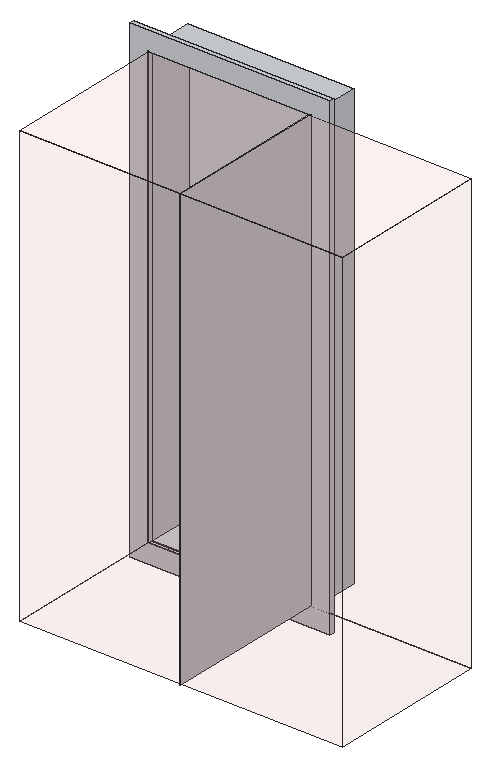
Revit family "Hager-VOLTA-Hollow_wall-IP30-With_Cover-Without_DIN-NoHosted-AT-de", category Electrical Equipment, Revit 2023
Family settings
  Panel Configuration = Two Columns, Circuits Across
  Round Connector Dimension = Use Diameter
  Part Type = Panelboard
  Work Plane-Based = Yes
  Always vertical = Yes
  Cut with Voids When Loaded = No
  Maintain Annotation Orientation = No
  Shared = No
  Room Calculation Point = No
Parameters (values of type "VOLTA-Hollow_wall_W348_H880_D98_12_Modular_Spacing-VH60WWH")
  Width Control [instance] = if([HG000006-Unterputz], if([EF000846 - Einbaubreite] > min_whd, [EF000846 - Einbaubreite], min_whd), if([EF000008 - Breite] > min_whd, ([EF000008 - Breite]), min_whd))  # 314.5 mm
  Void Depth [instance] = if([EF000218 - Einbautiefe] > 1 mm, [EF000218 - Einbautiefe], 1 mm)  # 89 mm
  Uniformat code = "D501001"
  Uniformat = "Low Tension Service & Dist."
  Référence = ""
  HGEF0002950-Breite in Teilungseinheiten = 12
  HGEF000266-Anzahl der Reihen = 0
  HG000131 - Functional label [instance] = ""
  HG000130 - Functional name [instance] = ""
  HG000099-Onfly Template ID-de-AT = "507532"
  HG000059-Operating voltage-de-AT [instance] = 230 V
  HG000017-Distanz zwischen den Polen = 18 mm
  HG000016-3D-Türsichtbarkeit = yes
  HG000015-Sichtbarkeit der Türöffnung = yes
  HG000014-Tür rechts = yes
  HG000013-Tür links = no
  HG000012-Türschwenkwinkel = 90.00°
  HG000011-Leere Reihen von unten = no
  HG000010-Asymmetrische Türen = no
  HG000009-Doppelflügeligen Tür = no
  HG000008-Anzahl der leeren Reihen = 0
  HG000007-Anzahl der leeren Spalten = 0
  HG000006-Unterputz = yes
  HG000005-Dicke = 2 mm
  HG000004-Herstellerreferenz = "VH60WWH"
  HG000003-Bereich = "VOLTA"
  HG000002-Mit tür = yes
  HG000001-Anzahl der Spalten = 0
  ETIM class name = "Small distribution board"
  ETIM class code = "EC000214"
  EF015941 - Signaldurchlassende Tür = yes
  EF015777 - Neutralleiterklemmenblock = no
  EF015776 - Erdungsklemmenblock = no
  EF009212 - Ausführung Deckel = "mit Ausschnitt"
  EF006306 - Mit Schloss = no
  EF006244 - Transparenter Deckel/Tür = no
  EF005474 - Schutzart (IP) = "IP30"
  EF004464 - Art der Tür = ""
  EF004462 - Art der Schließung = "sonstige"
  EF002950 - Breite in Teilungseinheiten = 12
  EF001596 - Werkstoff des Gehäuses = ""
  EF001134 - DIN-Schiene = no
  EF001131 - Innentiefe = 0 mm
  EF001088 - Anbaumöglichkeit = yes
  EF001062 - EMV-Ausführung = no
  EF000846 - Einbaubreite = 314.5 mm
  EF000339 - Art der Abdeckung = ""
  EF000332 - Einbauhöhe = 845 mm
  EF000266 - Anzahl der Reihen = 0
  EF000218 - Einbautiefe = 89 mm
  EF000118 - Mit Montageplatte = yes
  EF000116 - RAL-Nummer = 9010
  EF000049 - Tiefe = 98 mm
  EF000040 - Höhe = 880 mm
  EF000024 - UV-beständig = no
  EF000008 - Breite = 348 mm
  EF000007 - Farbe = "weiß"
  EF000003 - Montageart = "Hohlwand"
  Type Comments = ""
  System Height [instance] = Height Control - 2 * [HG000005-Dicke]  # 841 mm
  Reference description = ""
  Reference = "VOLTA-Hollow_wall_W348_H880_D98_12_Modular_Spacing-VH60WWH"
  Panel Name [instance] = ""  # (empty or 0)
  Offset [instance] = 0 mm
  Object type = ""
  Name hager = "ADD_Enclosures_EC000214"
  Name BIM&CO = "Electricity"
  Name = "VOLTA-Hollow_wall-IP30-With_Cover-Without_DIN-AT"
  Model = ""
  Level Offset [instance] = [Flush Mounted - Door Frame Width] + Offset  # 35 mm
  HG000060-RAL-number = "9010"
  GTIN (Global Trade Item Number) = ""
  Description = ""
  Default Elevation = 1200 mm
  Creation Date = "12/15/2025 21:42:14"
  Code hager = "ADD-EC000214_EU"
  Code Uniformat = ""
  BIM&CO code = ""
  BC_VARIANT_ID = "1174066"
  BC_OBJECT_VERSION = "#3"  # constant formula
  BC_OBJECT_ID = "513458"  # constant formula
  BC_MODEL_ID = "1547068"  # constant formula
  BC_METADATA = "{\"ObjectGuid\":\"bc35c96e-cb38-443e-833d-0616858cb9ac\",\"ModelGuid\":\"8af03f69-2293-4735-a617-cc53adf55621\",\"VariantGuid\":\"8b6e323b-1b53-409a-a940-11b5a7fc5337\",\"Revision\":\"#4\",\"VariantName\":\"Template-Enclosure_EU-EC000214\"}"
  Arrow Offset [instance] = Depth Control / 8  # 11.125 mm
  Arrow Height [instance] = Depth Control - Arrow Offset  # 77.875 mm
  Host Offset [instance] = if([HG000006-Unterputz], 0 mm, [EF000049 - Tiefe])  # 0 mm
  min_whd [instance] = (2 * [HG000005-Dicke]) + 1 mm  # 5 mm
  Manufacturer = "Hager"  # constant formula
  Height Control [instance] = if([HG000006-Unterputz], if([EF000332 - Einbauhöhe] > min_whd, [EF000332 - Einbauhöhe], min_whd), if([EF000040 - Höhe] > min_whd, ([EF000040 - Höhe]), min_whd))  # 845 mm
  Flush Mounted - Door Frame Width [instance] = if(([EF000040 - Höhe] - [EF000332 - Einbauhöhe]) > 0 mm, if([HG000006-Unterputz], [EF000040 - Höhe] - [EF000332 - Einbauhöhe], 0 mm), 0 mm)  # 35 mm
  Depth Control [instance] = if([HG000006-Unterputz], if([EF000218 - Einbautiefe] > 0 mm, [EF000218 - Einbautiefe], 1 mm), if([EF000049 - Tiefe] > 0 mm, ([EF000049 - Tiefe]), 1 mm))  # 89 mm
Types (6, lengths in mm): name | HG000004-Herstellerreferenz | EF015941 - Signaldurchlassende Tür | EF000332 - Einbauhöhe | EF000040 - Höhe | System Height | Reference | BC_VARIANT_ID | Height Control
  VOLTA-Hollow_wall_W348_H630_D98_12_Modular_Spacing-VH36NW | "VH36NW" | no | 595 | 630 | 591 | "VOLTA-Hollow_wall_W348_H630_D98_12_Modular_Spacing-VH36NW" | "1174061" | 595
  VOLTA-Hollow_wall_W348_H630_D98_12_Modular_Spacing-VH36WWH | "VH36WWH" | yes | 595 | 630 | 591 | "VOLTA-Hollow_wall_W348_H630_D98_12_Modular_Spacing-VH36WWH" | "1174062" | 595
  VOLTA-Hollow_wall_W348_H755_D98_12_Modular_Spacing-VH48NW | "VH48NW" | no | 720 | 755 | 716 | "VOLTA-Hollow_wall_W348_H755_D98_12_Modular_Spacing-VH48NW" | "1174063" | 720
  VOLTA-Hollow_wall_W348_H755_D98_12_Modular_Spacing-VH48WWH | "VH48WWH" | yes | 720 | 755 | 716 | "VOLTA-Hollow_wall_W348_H755_D98_12_Modular_Spacing-VH48WWH" | "1174064" | 720
  VOLTA-Hollow_wall_W348_H880_D98_12_Modular_Spacing-VH60NW | "VH60NW" | no | 845 | 880 | 841 | "VOLTA-Hollow_wall_W348_H880_D98_12_Modular_Spacing-VH60NW" | "1174065" | 845
  VOLTA-Hollow_wall_W348_H880_D98_12_Modular_Spacing-VH60WWH | "VH60WWH" | yes | 845 | 880 | 841 | "VOLTA-Hollow_wall_W348_H880_D98_12_Modular_Spacing-VH60WWH" | "1174066" | 845
Reference planes
  plane 1 "Center (Front/Back)": y = 0
  plane 2: z = 0
  plane 3 "Center (Left/Right)": x = 0
  plane 4: y = 37
  plane 5: y = 89
  plane 6: y = 35
  plane 7: z = 0
  plane 8: x = -157.25
  plane 9: x = 157.25
  plane 10: x = 155.25
  plane 11: x = -155.25
  plane 12: z = 35
  plane 13: z = 37
  plane 14: y = 5
  plane 15: y = 0
  plane 16: y = 87
  plane 17: z = 878
  plane 18: z = 880
  plane 19: z = 457.5
  plane 20: x = 0
  plane 21: y = -100
  plane 22 "Annotation H": y = -300
  plane 23 "Annotation V": x = 357.25
Forms (mm)
  Extrusion 1, solid
    sketch origin (-208.679, -4572, 35) x (-1, 0, 0) y (0, -1, 0)
      loop
        line (-51.429, -4572) -> (-365.929, -4572) -> (-365.929, -4661) -> (-51.429, -4661) -> (-51.429, -4572)
    from 0 to 845 <- "Height Control"
  Extrusion 2, void
    sketch origin (-350.771, 0, 1219.2) x (1, 0, 0) y (0, 0, 1)
      loop
        line (195.521, -341.2) -> (195.521, -1182.2) -> (506.021, -1182.2) -> (506.021, -341.2) -> (195.521, -341.2)
    from 0 to -87
  Extrusion 3, solid, detail levels coarse+medium
    sketch origin (-350.771, 0, 1219.2) x (-1, 0, 0) y (0, 0, 1)
      loop
        line (-195.521, -341.2) -> (-506.021, -341.2) -> (-506.021, -1182.2) -> (-195.521, -1182.2) -> (-195.521, -341.2)
    from 0 to 2 <- "HG000005-Dicke"
Cuts and joins
  Extrusion 2 cuts Extrusion 1
Dimensions and locks
  "Flush Mounted - Door Frame Width": plane 1 "Center (Front/Back)" to plane 6
  "HG000005-Dicke": plane 4 to plane 6
  "HG000005-Dicke": plane 8 to plane 11
  "HG000005-Dicke": plane 9 to plane 10
  equal spacing: plane 8, plane 3 "Center (Left/Right)", plane 9
  "Width Control": plane 8 to plane 9
  locked: plane 14 to plane 15 at 5
  "Host Offset": plane 1 "Center (Front/Back)" to plane 15
  "Depth Control": plane 5 to plane 15
  "HG000005-Dicke": plane 5 to plane 16
  "HG000005-Dicke": plane 13 to plane 12
  "Level Offset": plane 12 to level
  "HG000005-Dicke": plane 18 to plane 17
  "Height Control": plane 18 to plane 12
  "Arrow Offset": plane 5 to nested 4
  equal spacing: plane 18, plane 19, plane 12
  locked: connector elem to plane 19
  locked: connector elem to plane 3 "Center (Left/Right)"
  Extrusion 2 sketch curve to Extrusion 2 sketch curve to plane 9 = 310.5 mm, 2 mm
  locked: plane 9 to plane 23 "Annotation V" at 200
  locked: plane 22 "Annotation H" to plane 1 "Center (Front/Back)" at 300
  aligned and locked: nested 1 to plane 14
  aligned and locked: plane 3 "Center (Left/Right)" to nested 1
  aligned and locked: plane 3 "Center (Left/Right)" to nested 2
  aligned and locked: nested 2 to plane 15
  aligned and locked: plane 5 to Extrusion 1
  aligned and locked: Extrusion 3 sketch curve to plane 17
  aligned and locked: Extrusion 3 sketch curve to plane 11
  aligned and locked: plane 13 to Extrusion 3 sketch curve
  aligned and locked: Extrusion 3 sketch curve to plane 10
  aligned and locked: plane 13 to Extrusion 2 sketch curve
  aligned and locked: Extrusion 2 sketch curve to plane 17
  aligned and locked: plane 16 to Extrusion 2
  aligned and locked: plane 5 to Extrusion 1 sketch curve
  aligned and locked: plane 9 to Extrusion 1 sketch curve
  aligned and locked: plane 8 to Extrusion 1 sketch curve
  aligned and locked: plane 8 to nested 4
  aligned and locked: plane 8 to nested 3
  aligned and locked: nested 3 to plane 5
  aligned and locked: Extrusion 1 sketch curve to plane 15
  aligned and locked: Extrusion 2 to plane 15
  aligned and locked: nested 5 to plane 22 "Annotation H"
  aligned and locked: plane 23 "Annotation V" to nested 5
  aligned and locked: plane 11 to Extrusion 2
  aligned and locked: plane 10 to Extrusion 2
Nested families
  nested 1: "Hager_Enclosure_System" at (0, 5, 37), Height <- "System Height", Width_Control <- "Width Control", Built-in_Width <- "EF000846 - Einbaubreite", Width <- "EF000008 - Breite", Depth <- "HG000005-Dicke", Border <- "HG000005-Dicke", Distance_Between_Poles <- "HG000017-Distanz zwischen den Polen", Flush_Mounted <- "HG000006-Unterputz", Empty_Columns <- "HG000007-Anzahl der leeren Spalten", Total_No_Empty_Rows <- "HG000008-Anzahl der leeren Reihen", Empty_Rows_From_Bottom <- "HG000011-Leere Reihen von unten", Columns_Count <- "HG000001-Anzahl der Spalten", Rows_Count <- "HGEF000266-Anzahl der Reihen", Row_Module_Multiplicator <- "HGEF0002950-Breite in Teilungseinheiten", type "Hager_Enclosure_System", detail levels medium+fine
    with Width_Control 314.5 mm, Width 348 mm, Total_No_Rows 0, Total_No_Empty_Rows 0, Total_No_Columns 1, System_Width 310.5 mm, Rows_Count 0, Rows_Column 0, Row_Module_Multiplicator 12, Panel_4 no, Panel_3 no, Panel_2 no, Panel_1 no, No_Panels_Ctrl 1, Hide_Columns yes, Height 841 mm, Flush_Mounted yes, Empty_Rows_From_Bottom no, Empty_Rows_Column 0, Empty_Columns 0, Empty column 4 0, Empty column 3 0, Empty column 2 0, Empty column 1 0, Distance_Between_Poles 18 mm, Depth 2 mm, Columns_Count 0, Column_Width 310.5 mm, Built-in_Width 314.5 mm, Border 2 mm
  nested 2: "Hager_Enclosure_Door" at (0, 0, 35), Height_Ctrl <- "Height Control", Width_Ctrl <- "Width Control", BuiltIn_Depth <- "EF000218 - Einbautiefe", Depth <- "EF000049 - Tiefe", BuiltIn_Width <- "EF000846 - Einbaubreite", Height <- "EF000040 - Höhe", BuiltIn_Height <- "EF000332 - Einbauhöhe", Width <- "EF000008 - Breite", Transparent <- "EF006244 - Transparenter Deckel/Tür", Border <- "HG000005-Dicke", Door <- "HG000002-Mit tür", Flush_Mounted <- "HG000006-Unterputz", Double <- "HG000009-Doppelflügeligen Tür", Assymetrical <- "HG000010-Asymmetrische Türen", Angle <- "HG000012-Türschwenkwinkel", Door_Left <- "HG000013-Tür links", Door_Right <- "HG000014-Tür rechts", Clearance <- "HG000015-Sichtbarkeit der Türöffnung", 3d_Door <- "HG000016-3D-Türsichtbarkeit", type "Hager_Enclosure_Door", detail levels medium+fine
    with min_wh 5 mm, Width_Ctrl 314.5 mm, Width 348 mm, Transparent_Door_No_Bottom_Border no, Transparent no, Leaf_Width 307.5 mm, Leaf_Tolerance 1.5 mm, Leaf_Height 838 mm, Leaf_2_Width 307.5 mm, Leaf_2_Offset 153.75 mm, Leaf_1_Width 307.5 mm, Leaf_1_Offset 153.75 mm, Height_Ctrl 845 mm, Height 880 mm, Frame_Width_Ctrl 33.5 mm, Frame_Width 33.5 mm, Frame_Internal_Offset 2 mm, Frame_Height_Ctrl 35 mm, Frame_Height 35 mm, Frame_Depth_Ctrl 9 mm, Frame_Depth 9 mm, Flush_Mounted yes, Double_Clearance_Ctrl no, Double no, Door_Right_Ctrl yes, Door_Right yes, Door_Left_Ctrl no, Door_Left no, Door yes, Depth 98 mm, Clearance_Depth 307.5 mm, Clearance_Ctrl yes, Clearance yes, BuiltIn_Width 314.5 mm, BuiltIn_Height 845 mm, BuiltIn_Depth 89 mm, Border 2 mm, Assymetrical no, Angle 90.00°, 3d_Door yes
  nested 3: "Hager_Enclosure_Symbol_Triangle" at (-157.25, 89, 0), Depth <- "Depth Control", Width <- "Width Control", type "Hager_Enclosure_Symbol_Triangle"
    with Width_Ctrl 314.5 mm, Width 314.5 mm, Depth_Ctrl 89 mm, Depth 89 mm
  nested 4: "Hager_Enclosure_Symbol_Arrow" at (-157.25, 77.875, 0), Height <- "Arrow Height", type "Hager_Enclosure_Symbol_Arrow"
    with Width_Inside 5.841 mm, Width 70.087 mm, Height_Ctrl 77.875 mm, Height 77.875 mm
  nested 5: "Hager_Annotation-HG000130" at (357.25, -300, 0), HG000130 - Functional name <- "HG000130 - Functional name", type "Hager_Annotation-HG000130"
    with HG000130 - Functional name ""
Connectors
  electrical at (0, 89, 457.5), driven by "HG000059-Operating voltage-de-AT"
    settings: on plane 5, index 1, voltage 230 V, apparent load 0 VA, apparent load phase1 0 VA, apparent load phase2 0 VA, apparent load phase3 0 VA, power factor 1, load classification "Other", number of poles 1, system type 30, power factor state 1, is connector primary yes, connector utility no, sub classification motor no, connector description ""
Definition of nested family "Hager_Enclosure_Door"
  Parameters (values of type "Hager_Enclosure_Door")
    min_wh [instance] = (2 * Border) + 1 mm  # 11 mm
    Width_Ctrl [instance] = 400 mm
    Width [instance] = 500 mm
    Transparent_Door_No_Bottom_Border [instance] = no
    Transparent [instance] = yes
    Leaf_Width [instance] = if((Width_Ctrl - 2 * Border - 2 * Leaf_Tolerance) > 0 mm, (Width_Ctrl - 2 * Border - 2 * Leaf_Tolerance), min_wh)  # 387 mm
    Leaf_Tolerance [instance] = 1.5 mm  # constant formula
    Leaf_Height [instance] = if((Height_Ctrl - 2 * Border - 2 * Leaf_Tolerance) > 0 mm, (Height_Ctrl - 2 * Border - 2 * Leaf_Tolerance), min_wh)  # 387 mm
    Leaf_2_Width [instance] = if(and(and(Double, Assymetrical), Door_Left), (Leaf_Width / 3) - (Leaf_Tolerance / 2), if(and(and(Double, Assymetrical), Door_Right), (Leaf_Width / 3) * 2 - (Leaf_Tolerance / 2), if(and(Double, not(Assymetrical)), (Leaf_Width / 2) - Leaf_Tolerance, Leaf_Width)))  # 387 mm
    Leaf_2_Offset [instance] = if(and(Double, Assymetrical), Leaf_2_Width / 2, if(and(Double, not(Assymetrical)), Leaf_Width / 4, Leaf_Width / 2))  # 193.5 mm
    Leaf_1_Width [instance] = if(and(and(Double, Assymetrical), Door_Right), (Leaf_Width / 3) - (Leaf_Tolerance / 2), if(and(and(Double, Assymetrical), Door_Left), (Width / 3) * 2 - (Leaf_Tolerance / 2), if(and(Double, not(Assymetrical)), (Leaf_Width / 2) - Leaf_Tolerance, Leaf_Width)))  # 387 mm
    Leaf_1_Offset [instance] = if(and(Double, Assymetrical), Leaf_1_Width / 2, if(and(Double, not(Assymetrical)), Leaf_Width / 4, Leaf_Width / 2))  # 193.5 mm
    Height_Ctrl [instance] = 400 mm
    Height [instance] = 500 mm
    Frame_Width_Ctrl [instance] = if(Frame_Width > 0 mm, Frame_Width, 1 mm)  # 1 mm
    Frame_Width [instance] = Width - BuiltIn_Width  # 0 mm
    Frame_Internal_Offset [instance] = if(Flush_Mounted, Border, 0 mm)  # 5 mm
    Frame_Height_Ctrl [instance] = if(Frame_Height > 0 mm, Frame_Height, 1 mm)  # 1 mm
    Frame_Height [instance] = Height - BuiltIn_Height  # 0 mm
    Frame_Depth_Ctrl [instance] = if(Frame_Depth > 0 mm, Frame_Depth, 1 mm)  # 1 mm
    Frame_Depth [instance] = if(Depth - BuiltIn_Depth > 0 mm, if(Flush_Mounted, Depth - BuiltIn_Depth, 0 mm), 0 mm)  # 0 mm
    Flush_Mounted [instance] = yes
    Double_Clearance_Ctrl [instance] = and(Double, Clearance)  # no
    Double [instance] = no
    Door_Right_Ctrl [instance] = and(or(Door_Right, Double), Door)  # yes
    Door_Right [instance] = yes
    Door_Left_Ctrl [instance] = and(or(Door_Left, Double), Door)  # no
    Door_Left [instance] = no
    Door [instance] = yes
    Depth [instance] = 500 mm
    Default Elevation = 1219.2 mm
    Clearance_Material = none
    Clearance_Depth [instance] = if(Leaf_1_Width > Leaf_2_Width, Leaf_1_Width, Leaf_2_Width)  # 387 mm
    Clearance_Ctrl [instance] = and(not(Double), Clearance)  # yes
    Clearance [instance] = yes
    BuiltIn_Width [instance] = 500 mm
    BuiltIn_Height [instance] = 500 mm
    BuiltIn_Depth [instance] = 500 mm
    Border [instance] = 5 mm
    Assymetrical [instance] = yes
    Angle [instance] = 30.00°
    3d_Door [instance] = yes
  Reference planes
    plane 1 "Center (Front/Back)": y = 0
    plane 2 "Bottom": z = 0
    plane 3 "Center (Left/Right)": x = 0
    plane 4: z = 400
    plane 5: x = -200
    plane 6: x = 200
    plane 7: z = 395
    plane 8: x = -195
    plane 9: z = 5
    plane 10: x = 195
    plane 11: y = 0
    plane 12: z = 6.5
    plane 13: x = -582
    plane 14: y = -387
    plane 15: x = 582
    plane 16: x = 0
    plane 17: x = 0
    plane 18: x = -193.5
    plane 19: x = 193.5
    plane 20: z = 393.5
  Forms (mm)
    Extrusion 1, solid, visible <- "Flush_Mounted"
      sketch origin (0, 0, 0) x (1, 0, 0) y (0, 0, 1)
        loop
          line (195, 5) -> (195, 395) -> (-195, 395) -> (-195, 5) -> (195, 5)
        loop
          line (-201, 401) -> (-201, -1) -> (201, -1) -> (201, 401) -> (-201, 401)
      from 0 to 1 <- "Frame_Depth_Ctrl"
    Extrusion 2, solid, material <- "Clearance_Material", visible <- "Double_Clearance_Ctrl"
      sketch origin (1200, 0, 0) x (1, 0, 0) y (0, 0, -1)
        loop
          line (-1782, -393.5) -> (-618, -393.5) -> (-618, 0) -> (-1782, 0) -> (-1782, -393.5)
      from 0 to -387
  Dimensions and locks
    equal spacing: plane 5, plane 3 "Center (Left/Right)", plane 6
    "Width_Ctrl": plane 5 to plane 6
    "Border": plane 5 to plane 8
    "Border": plane 6 to plane 10
    "Border": plane 9 to level
    "Border": plane 4 to plane 7
    "Height_Ctrl": plane 4 to level
    "Leaf_Tolerance": plane 12 to plane 9
    "Frame_Depth": plane 11 to plane 1 "Center (Front/Back)"
    "Frame_Width_Ctrl": plane 5 to Extrusion 1 sketch curve
    "Frame_Width_Ctrl": plane 6 to Extrusion 1 sketch curve
    "Frame_Width_Ctrl": Extrusion 1 sketch curve to plane 4
    "Frame_Width_Ctrl": plane 2 "Bottom" to Extrusion 1 sketch curve
    "Leaf_1_Offset": plane 18 to plane 16
    "Leaf_2_Offset": plane 17 to plane 19
    "Leaf_1_Width": plane 13 to plane 8
    "Leaf_2_Width": plane 10 to plane 15
    "Clearance_Depth": plane 14 to plane 1 "Center (Front/Back)"
    "Leaf_Tolerance": plane 8 to plane 18
    "Leaf_Tolerance": plane 19 to plane 10
    "Leaf_Tolerance": plane 7 to plane 20
    "Frame_Internal_Offset": plane 5 to Extrusion 1 sketch curve
    "Frame_Internal_Offset": Extrusion 1 sketch curve to plane 2 "Bottom"
    "Frame_Internal_Offset": plane 6 to Extrusion 1 sketch curve
    "Frame_Internal_Offset": plane 4 to Extrusion 1 sketch curve
    aligned and locked: level to plane 2 "Bottom"
    aligned and locked: nested 1 to plane 16
    aligned and locked: nested 2 to plane 17
    aligned and locked: Extrusion 2 to plane 13
    aligned and locked: plane 15 to Extrusion 2
    aligned and locked: Extrusion 2 to plane 14
    aligned and locked: plane 12 to nested 1
    aligned and locked: nested 2 to plane 12
    aligned and locked: Extrusion 2 to plane 11
    aligned and locked: plane 20 to Extrusion 2
    aligned and locked: nested 2 to plane 11
    aligned and locked: nested 1 to plane 11
  Automatic sketch dimensions
    Extrusion 2 sketch curve to level = 0 mm
    plane 5 to Extrusion 2 sketch curve = 382 mm
    plane 6 to Extrusion 2 sketch curve = 382 mm
    Extrusion 2 sketch curve to plane 4 = 6.5 mm
  Nested families
    nested 1: "Hager_Enclosure_Door_Leaf" at (0, 0, 6.5), Width <- "Leaf_1_Width", visible <- "Door_Left_Ctrl", Leaf_Height <- "Leaf_Height", Angle <- "Angle", Depth <- "Border", 3d_Door <- "3d_Door", Transparent <- "Transparent", Clearance Material <- "Clearance_Material", Clearance <- "Clearance_Ctrl", Transparent_Door_No_Bottom_Border <- "Transparent_Door_No_Bottom_Border", type "Hager_Enclosure_Door_Leaf"
      with Width 387 mm, Transparent_Door_No_Bottom_Border no, Transparent_Door_Border_Bottom_Top 25 mm, Transparent_Door_Border 25 mm, Transparent_Ctrl yes, Transparent yes, Standard no, Leaf_Height 387 mm, Glass_Offset 1 mm, Depth 5 mm, Clearance Material none, Clearance yes, Angle_Ctrl 30.00°, Angle 30.00°, 3d_Door yes
    nested 2: "Hager_Enclosure_Door_Leaf" at (0, 0, 6.5) x (-1, 0, 0) z (0, 0, 1), Width <- "Leaf_2_Width", visible <- "Door_Right_Ctrl", Leaf_Height <- "Leaf_Height", Angle <- "Angle", Depth <- "Border", 3d_Door <- "3d_Door", Transparent <- "Transparent", Clearance Material <- "Clearance_Material", Clearance <- "Clearance_Ctrl", Transparent_Door_No_Bottom_Border <- "Transparent_Door_No_Bottom_Border", type "Hager_Enclosure_Door_Leaf"
      with Width 387 mm, Transparent_Door_No_Bottom_Border no, Transparent_Door_Border_Bottom_Top 25 mm, Transparent_Door_Border 25 mm, Transparent_Ctrl yes, Transparent yes, Standard no, Leaf_Height 387 mm, Glass_Offset 1 mm, Depth 5 mm, Clearance Material none, Clearance yes, Angle_Ctrl 30.00°, Angle 30.00°, 3d_Door yes
  Definition of nested family "Hager_Enclosure_Door_Leaf"
    Parameters (values of type "Hager_Enclosure_Door_Leaf")
      Width [instance] = 2000 mm
      Transparent_Door_No_Bottom_Border [instance] = yes
      Transparent_Door_Border_Bottom_Top [instance] = if(Transparent_Door_No_Bottom_Border, 0.1 mm, Transparent_Door_Border)  # 0.1 mm
      Transparent_Door_Border [instance] = if(Transparent_Door_No_Bottom_Border, (Width * 0.12), 25 mm)  # 240 mm
      Transparent_Ctrl [instance] = and(Transparent, [3d_Door])  # yes
      Transparent [instance] = yes
      Standard [instance] = and(not(Transparent), [3d_Door])  # no
      Leaf_Height [instance] = 2720.336 mm
      Glass_Offset [instance] = if((Depth - 10 mm) / 2 > 0 mm, (Depth - 10 mm) / 2, 1 mm)  # 15 mm
      Glass_Material = none
      Depth [instance] = 40 mm
      Default Elevation = 0 mm
      Clearance Material [instance] = none
      Clearance [instance] = yes
      Angle_Ctrl [instance] = if(Angle > 170.00°, 170.00°, Angle)  # 45.00°
      Angle [instance] = 45.00°
      3d_Door [instance] = yes
    Reference planes
      plane 1 "Center (Front/Back)": y = 0
      plane 2: z = 0
      plane 3 "Center (Left/Right)": x = 0
      plane 4: y = 2000
      plane 5: x = -1000
      plane 6: x = 1000
      plane 7: x = -3000
      plane 8: z = 2720.336
      plane 9: z = 0.1
      plane 10: z = 2720.236
      plane 11: x = 760
      plane 12: x = -760
    Forms (mm)
      Extrusion 1, solid, material <- "Clearance Material", visible <- "Clearance"
        sketch origin (0, 0, 0) x (1, 0, 0) y (0, 0, 1)
          loop
            line (-3000, 2720.336) -> (-3000, 0) -> (1000, 0) -> (1000, 2720.336) -> (-3000, 2720.336)
        from 0 to -2000
      Extrusion 2, solid, visible <- "Standard", detail levels medium+fine
        sketch origin (-1000, 0, 0) x (0.707107, 0.707107, 0) y (-0.707107, 0.707107, 0)
          loop
            line (0, -40) -> (2000, -40) -> (2000, 0) -> (0, 0) -> (0, -40)
        from 0 to 2720.336 <- "Leaf_Height"
      Extrusion 3, solid, visible <- "Transparent_Ctrl", detail levels medium+fine
        sketch origin (-1000, 0, 0) x (0.707107, 0.707107, 0) y (-0.707107, 0.707107, 0)
          loop
            line (0, -40) -> (2000, -40) -> (2000, 0) -> (0, 0) -> (0, -40)
        from 0 to 2720.336 <- "Leaf_Height"
      Extrusion 4, void, detail levels medium+fine
        sketch origin (-1000, 0, 0) x (-0.707107, 0.707107, 0) y (0.707107, 0.707107, 0)
          loop
            line (0, 240) -> (0, 1760) -> (-40, 1760) -> (-40, 240) -> (0, 240)
        from -2720.236 to -0.1
      Extrusion 5, solid, material <- "Glass_Material", visible <- "Transparent_Ctrl", detail levels medium+fine
        sketch origin (-1000, 0, 0) x (0.707107, 0.707107, 0) y (-0.707107, 0.707107, 0)
          loop
            line (240, -15) -> (240, -25) -> (1760, -25) -> (1760, -15) -> (240, -15)
        from 0.1 to 2720.236
    Cuts and joins
      Extrusion 4 cuts Extrusion 3
    Lines and regions (mm)
      symbolic lines
        curve 1: line (1000, 0, 0) -> (-3000, 0, 0)
        curve 2: arc (1000, 0, 0) -> (-1000, 2000, 0) -> (-3000, 0, 0) r 2000
        curve 4: line (-1000, 0, 0) -> (414.214, 1414.214, 0)
      reference lines
        curve 3: line (-1000, 0, 0) -> (414.214, 1414.214, 0)
      symbolic lines, detail levels medium+fine
        curve 5: line (414.214, 1414.214, 0) -> (442.498, 1385.929, 0)
        curve 6: line (442.498, 1385.929, 0) -> (-971.716, -28.284, 0)
        curve 7: line (-971.716, -28.284, 0) -> (-1000, 0, 0)
        curve 8: line (-1000, 0, 2720.336) -> (1000, 0, 2720.336)
        curve 9: line (-1000, 0, 0) -> (-1000, 0, 2720.336)
        curve 10: line (1000, 0, 0) -> (-1000, 0, 0)
        curve 11: line (1000, 0, 2720.336) -> (1000, 0, 0)
      symbolic lines, visible <- "Transparent_Ctrl", detail levels medium+fine
        curve 12: line (-760, 0, 2720.236) -> (760, 0, 2720.236)
        curve 13: line (-760, 0, 0.1) -> (-760, 0, 2720.236)
        curve 14: line (760, 0, 0.1) -> (-760, 0, 0.1)
        curve 15: line (760, 0, 2720.236) -> (760, 0, 0.1)
    Dimensions and locks
      "Width": plane 1 "Center (Front/Back)" to plane 4
      equal spacing: plane 5, plane 3 "Center (Left/Right)", plane 6
      "Width": plane 5 to plane 6
      "Width": plane 7 to plane 5
      "Leaf_Height": plane 8 to level
      "Depth": curve 6 to curve 3
      "Width": curve 5 to curve 3
      "Width": curve 3 to curve 3
      "Transparent_Door_Border": Extrusion 4 sketch curve to curve 7
      "Transparent_Door_Border": Extrusion 4 sketch curve to curve 5
      "Transparent_Door_Border_Bottom_Top": plane 8 to plane 10
      "Transparent_Door_Border_Bottom_Top": plane 9 to level
      "Glass_Offset": Extrusion 5 sketch curve to curve 4
      "Glass_Offset": Extrusion 5 sketch curve to curve 6
      "Transparent_Door_Border": Extrusion 5 sketch curve to curve 5
      "Transparent_Door_Border": Extrusion 5 sketch curve to curve 7
      "Transparent_Door_Border": plane 12 to plane 5
      "Transparent_Door_Border": plane 6 to plane 11
      "Angle_Ctrl": angle plane 1 "Center (Front/Back)" to curve 3
      aligned and locked: level to plane 2
      aligned and locked: Extrusion 1 to curve 1
      aligned and locked: plane 6 to Extrusion 1
      aligned and locked: Extrusion 1 to plane 1 "Center (Front/Back)"
      aligned and locked: plane 4 to Extrusion 1
      aligned and locked: plane 8 to Extrusion 1
      aligned and locked: curve 4 to curve 3
      aligned and locked: Extrusion 2 sketch curve to curve 7
      aligned and locked: Extrusion 2 sketch curve to curve 6
      aligned and locked: Extrusion 2 sketch curve to curve 5
      aligned and locked: Extrusion 2 sketch curve to curve 3
      aligned and locked: curve 7 to Extrusion 3 sketch curve
      aligned and locked: Extrusion 3 sketch curve to curve 4
      aligned and locked: Extrusion 3 sketch curve to curve 6
      aligned and locked: Extrusion 3 sketch curve to curve 5
      aligned and locked: curve 4 to Extrusion 4 sketch curve
      aligned and locked: curve 6 to Extrusion 4 sketch curve
      aligned and locked: Extrusion 4 to plane 9
      aligned and locked: Extrusion 4 to plane 10
      aligned and locked: Extrusion 5 to plane 9
      aligned and locked: Extrusion 5 to plane 10
      aligned and locked: curve 8 to plane 8
      aligned and locked: plane 5 to curve 9
      aligned and locked: plane 2 to curve 10
      aligned and locked: curve 11 to plane 6
      aligned and locked: plane 10 to curve 12
      aligned and locked: plane 12 to curve 13
      aligned and locked: curve 14 to plane 9
      aligned and locked: plane 11 to curve 15
    Automatic sketch dimensions
      plane 1 "Center (Front/Back)" to curve 2 = 0 mm
      curve 2 to plane 5 = 0 mm
      Extrusion 1 sketch curve to level = 0 mm
      Extrusion 1 sketch curve to plane 7 = 0 mm
      Extrusion 1 sketch curve to plane 6 = 0 mm
      Extrusion 1 sketch curve to plane 8 = 0 mm
      plane 1 "Center (Front/Back)" to curve 3 = 0 mm
      curve 3 to plane 5 = 0 mm
      curve 7 to curve 3 = 0 mm
Definition of nested family "Hager_Enclosure_Symbol_Triangle"
  Parameters (values of type "Hager_Enclosure_Symbol_Triangle")
    Width_Ctrl [instance] = if(Width > 1 mm, Width, 1 mm)  # 498 mm
    Width [instance] = 498 mm
    Depth_Ctrl [instance] = if(Depth > 1 mm, Depth, 1 mm)  # 72 mm
    Depth [instance] = 72 mm
  Reference planes
    plane 1 "Centre (avant/arrière)": y = 0
    plane 2: z = 0
    plane 3 "Centre (gauche/droite)": x = 0
  Lines and regions (mm)
    Filled region 1, type "Solid_Black", in view "Niveau de réf."
      outline origin (0, 0, 0) x (1, 0, 0) y (0, 1, 0)
        loop
          line (0, 0) -> (498, 0) -> (498, 72) -> (0, 0)
    reference lines, in view "Niveau de réf."
      curve 1: line (-206.153, 72, 0) -> (1083.258, 72, 0)
      curve 2: line (498, 405.456, 0) -> (498, -517.619, 0)
  Dimensions and locks
    "Depth_Ctrl": plane 1 "Centre (avant/arrière)" to curve 1
    "Width_Ctrl": plane 3 "Centre (gauche/droite)" to curve 2
    aligned and locked: curve 1 to Filled region 1 sketch curve
    aligned and locked: Filled region 1 sketch curve to plane 1 "Centre (avant/arrière)"
    aligned and locked: curve 2 to Filled region 1 sketch curve
    aligned and locked: plane 3 "Centre (gauche/droite)" to Filled region 1 sketch curve
    aligned and locked: plane 1 "Centre (avant/arrière)" to Filled region 1 sketch curve
  Automatic sketch dimensions
    curve 1 to plane 3 "Centre (gauche/droite)" = 206.153 mm
    curve 2 to curve 1 = 585.258 mm
    plane 1 "Centre (avant/arrière)" to curve 2 = 517.619 mm
    curve 2 to plane 1 "Centre (avant/arrière)" = 405.456 mm
Definition of nested family "Hager_Enclosure_Symbol_Arrow"
  Parameters (values of type "Hager_Enclosure_Symbol_Arrow")
    Width_Inside [instance] = if(Width / 12 > 2 mm, Width / 12, 2 mm)  # 4.987 mm
    Width [instance] = if(Height_Ctrl * 0.9 > 2 mm, Height_Ctrl * 0.9, 2 mm)  # 59.85 mm
    Height_Ctrl [instance] = if(Height > 2 mm, Height, 2 mm)  # 66.5 mm
    Height [instance] = 66.5 mm
  Reference planes
    plane 1 "Centre (avant/arrière)": y = 0
    plane 2: z = 0
    plane 3 "Centre (gauche/droite)": x = 0
    plane 4: x = 59.85
    plane 5: y = 28.263
    plane 6: y = 38.238
    plane 7: y = 66.5
    plane 8: x = 29.925
    plane 9: y = 33.25
  Lines and regions (mm)
    Filled region 1, type "Solid_Black", in view "Niveau de réf."
      outline origin (0, 0, 0) x (1, 0, 0) y (0, 1, 0)
        loop
          line (59.85, 66.5) -> (37.929, 52.827) -> (51.846, 41.935) -> (59.85, 66.5)
    detail lines, in view "Niveau de réf."
      curve 1: line (0, 0, 0) -> (29.925, 38.238, 0)
      curve 2: line (29.925, 38.238, 0) -> (29.925, 28.263, 0)
      curve 3: line (29.925, 28.263, 0) -> (59.85, 66.5, 0)
  Dimensions and locks
    "Width": plane 3 "Centre (gauche/droite)" to plane 4
    "Height_Ctrl": plane 7 to plane 1 "Centre (avant/arrière)"
    equal spacing: plane 3 "Centre (gauche/droite)", plane 8, plane 4
    equal spacing: plane 7, plane 9, plane 1 "Centre (avant/arrière)"
    equal spacing: plane 6, plane 9, plane 5
    "Width_Inside": plane 6 to plane 9
    equal spacing: curve 3, Filled region 1 sketch curve, Filled region 1 sketch curve
    angle Filled region 1 sketch curve to curve 3 = 20.00°
    angle curve 3 to Filled region 1 sketch curve = 20.00°
    locked: curve 3 to Filled region 1 sketch curve (angle 90.00°)
  Automatic sketch dimensions
    plane 1 "Centre (avant/arrière)" to curve 1 = 0 mm
    curve 1 to plane 3 "Centre (gauche/droite)" = 0 mm
    curve 2 to plane 6 = 0 mm
    curve 3 to plane 8 = 0 mm
    curve 3 to plane 4 = 0 mm
    curve 2 to plane 5 = 0 mm
    curve 3 to plane 7 = 0 mm
    Filled region 1 sketch curve to plane 4 = 0 mm
    Filled region 1 sketch curve to plane 7 = 0 mm
Definition of nested family "Hager_Annotation-HG000130"
  Parameters (values of type "Hager_Annotation-HG000130")
    HG000130 - Functional name [instance] = ""
  Reference planes
    plane 1: y = 0
    plane 2: x = 0
  Lines and regions (mm)
    detail lines
      curve 1: line (-27.5, 10, 0) -> (27.5, 10, 0)
      curve 2: line (-27.5, -10, 0) -> (-27.5, 10, 0)
      curve 3: line (27.5, -10, 0) -> (-27.5, -10, 0)
      curve 4: line (27.5, 10, 0) -> (27.5, -10, 0)
  Text (mm)
    label "HG000130 - Functional name" at (0.16, 0.026, 0), shows "HG000130 - Functional name"
